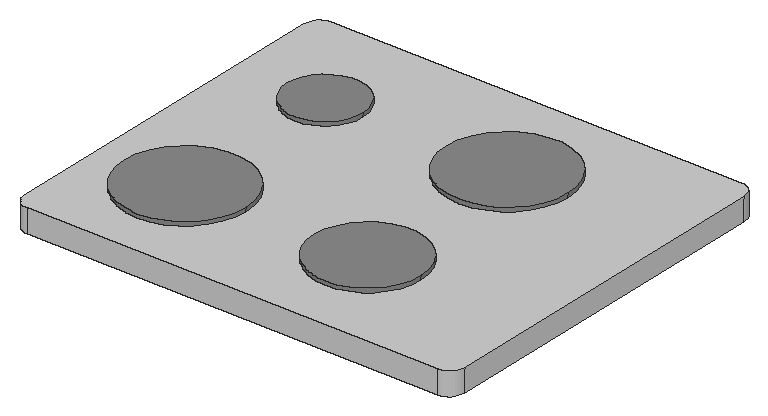
Revit family "Tabletop_Stove", category Specialty Equipment, Revit 2021
Family settings
  Round Connector Dimension = Use Diameter
  Part Type = Normal
  Work Plane-Based = No
  Always vertical = Yes
  Cut with Voids When Loaded = No
  Shared = No
  Room Calculation Point = No
Parameters
  Depth = 500 mm
  Hob = Metal - Stainless Steel
  Width = 580 mm
  Default Elevation = 0 mm
Reference planes
  plane 1 "Center F/B": y = 0
  plane 2: z = 0
  plane 3 "Center L/R": x = 0
  plane 4: y = 250
  plane 5: x = -265
  plane 6: y = -250
  plane 7: x = 315
  plane 8: x = -25
  plane 9: x = 215
  plane 10: x = 95
  plane 11: x = -145
  plane 12: y = 115
  plane 13: y = -115
  plane 14 "Top": z = 30
  plane 15: y = 230
  plane 16: y = -230
  plane 17: x = -245
  plane 18: x = -35
  plane 19: x = -15
  plane 20 "Top": z = 35
  plane 21: x = 255
  plane 22: y = 26.667
  plane 23: y = -26.667
  plane 24: y = 80
  plane 25: y = -80
Forms (mm)
  Extrusion 1, solid, material "Metal - Stainless Steel" <- "Hob"
    sketch origin (0, 0, 0) x (1, 0, 0) y (0, 1, 0)
      loop
        line (-245, -250) -> (295, -250)
        arc (295, -250) -> (309.142, -244.142) -> (315, -230) r 20
        line (315, -230) -> (315, 230)
        arc (315, 230) -> (309.142, 244.142) -> (295, 250) r 20
        line (295, 250) -> (-245, 250)
        arc (-245, 250) -> (-259.142, 244.142) -> (-265, 230) r 20
        line (-265, 230) -> (-265, -230)
        arc (-265, -230) -> (-259.142, -244.142) -> (-245, -250) r 20
    from 0 to 30
  Extrusion 2, solid, material "Metal - Paint Finish - Dark Gray, Matte"
    sketch origin (0, 0, 0) x (1, 0, 0) y (0, 1, 0)
      loop
        circle (-145, 115) r 50
      loop
        circle (-145, -115) r 80
      loop
        circle (95, 115) r 80
      loop
        circle (95, -115) r 70
    from 30 to 35
Lines and regions (mm)
  model lines
    curve 1: line (-245, 0, 30) -> (-35, 0, 30)
    curve 2: line (-245, 230, 30) -> (-245, 0, 30)
    curve 3: line (-35, 230, 30) -> (-245, 230, 30)
    curve 4: line (-35, 0, 30) -> (-35, 230, 30)
    curve 5: line (-245, 0, 30) -> (-245, -230, 30)
    curve 6: line (-35, 0, 30) -> (-35, -230, 30)
    curve 7: line (-35, -230, 30) -> (-245, -230, 30)
    curve 8: line (-144.928, 230, 30) -> (-144.928, -230, 30)
    curve 9: line (-245, 115, 30) -> (-35, 115, 30)
    curve 10: line (-245, -115, 30) -> (-35, -115, 30)
    curve 11: line (-15, 230, 30) -> (215, 230, 30)
    curve 12: line (-15, 0, 30) -> (-15, 230, 30)
    curve 13: line (215, 0, 30) -> (-15, 0, 30)
    curve 14: line (215, 230, 30) -> (215, 0, 30)
    curve 15: line (215, 0, 30) -> (215, -230, 30)
    curve 16: line (215, -230, 30) -> (-15, -230, 30)
    curve 17: line (-15, 0, 30) -> (-15, -230, 30)
    curve 18: line (-15, 115, 30) -> (215, 115, 30)
    curve 19: line (-15, -115, 30) -> (215, -115, 30)
    curve 20: line (95, -230, 30) -> (95, 230, 30)
    curve 21: arc (265, 26.667, 30) -> (255, 16.667, 30) -> (245, 26.667, 30) r 10
    curve 22: arc (245, 26.667, 30) -> (255, 36.667, 30) -> (265, 26.667, 30) r 10
    curve 23: arc (240, 26.667, 30) -> (253.369, 41.578, 30) -> (269.645, 29.909, 30) r 15
    curve 24: line (264.46, 23.425, 30) -> (289.86, 23.425, 30)
    curve 25: line (289.86, 23.425, 30) -> (289.86, 29.909, 30)
    curve 26: line (264.46, 29.909, 30) -> (289.86, 29.909, 30)
    curve 27: arc (269.645, 23.425, 30) -> (253.369, 11.756, 30) -> (240, 26.667, 30) r 15
    curve 28: arc (265, -26.667, 30) -> (255, -36.667, 30) -> (245, -26.667, 30) r 10
    curve 29: arc (245, -26.667, 30) -> (255, -16.667, 30) -> (265, -26.667, 30) r 10
    curve 30: arc (240, -26.667, 30) -> (253.369, -11.756, 30) -> (269.645, -23.425, 30) r 15
    curve 31: line (264.46, -29.909, 30) -> (289.86, -29.909, 30)
    curve 32: line (289.86, -29.909, 30) -> (289.86, -23.425, 30)
    curve 33: line (264.46, -23.425, 30) -> (289.86, -23.425, 30)
    curve 34: arc (269.645, -29.909, 30) -> (253.369, -41.578, 30) -> (240, -26.667, 30) r 15
    curve 35: arc (265, 80, 30) -> (255, 70, 30) -> (245, 80, 30) r 10
    curve 36: arc (245, 80, 30) -> (255, 90, 30) -> (265, 80, 30) r 10
    curve 37: arc (240, 80, 30) -> (253.369, 94.911, 30) -> (269.645, 83.242, 30) r 15
    curve 38: line (264.46, 76.758, 30) -> (289.86, 76.758, 30)
    curve 39: line (289.86, 76.758, 30) -> (289.86, 83.242, 30)
    curve 40: line (264.46, 83.242, 30) -> (289.86, 83.242, 30)
    curve 41: arc (269.645, 76.758, 30) -> (253.369, 65.089, 30) -> (240, 80, 30) r 15
    curve 42: arc (265, -80, 30) -> (255, -90, 30) -> (245, -80, 30) r 10
    curve 43: arc (245, -80, 30) -> (255, -70, 30) -> (265, -80, 30) r 10
    curve 44: arc (240, -80, 30) -> (253.369, -65.089, 30) -> (269.645, -76.758, 30) r 15
    curve 45: line (264.46, -83.242, 30) -> (289.86, -83.242, 30)
    curve 46: line (289.86, -83.242, 30) -> (289.86, -76.758, 30)
    curve 47: line (264.46, -76.758, 30) -> (289.86, -76.758, 30)
    curve 48: arc (269.645, -83.242, 30) -> (253.369, -94.911, 30) -> (240, -80, 30) r 15
  symbolic lines
    curve 49: arc (175, 115, 0) -> (95, 195, 0) -> (15, 115, 0) r 80
    curve 50: arc (15, 115, 0) -> (95, 35, 0) -> (175, 115, 0) r 80
    curve 51: arc (165, -115, 0) -> (95, -45, 0) -> (25, -115, 0) r 70
    curve 52: arc (25, -115, 0) -> (95, -185, 0) -> (165, -115, 0) r 70
    curve 53: arc (-65, -115, 0) -> (-145, -35, 0) -> (-225, -115, 0) r 80
    curve 54: arc (-225, -115, 0) -> (-145, -195, 0) -> (-65, -115, 0) r 80
    curve 55: arc (-95, 115, 0) -> (-145, 165, 0) -> (-195, 115, 0) r 50
    curve 56: arc (-195, 115, 0) -> (-145, 65, 0) -> (-95, 115, 0) r 50
    curve 57: line (295, -250, 0) -> (-245, -250, 0)
    curve 58: line (315, 230, 0) -> (315, -230, 0)
    curve 59: line (-245, 250, 0) -> (295, 250, 0)
    curve 60: line (-265, -230, 0) -> (-265, 230, 0)
    curve 61: arc (-245, 250, 0) -> (-259.142, 244.142, 0) -> (-265, 230, 0) r 20
    curve 62: arc (-265, -230, 0) -> (-259.142, -244.142, 0) -> (-245, -250, 0) r 20
    curve 63: arc (295, -250, 0) -> (309.142, -244.142, 0) -> (315, -230, 0) r 20
    curve 64: arc (295, 250, 0) -> (309.142, 244.142, 0) -> (315, 230, 0) r 20
Dimensions and locks
  "Width": plane 5 to plane 7
  "Depth": plane 6 to plane 4
  plane 9 to plane 7 = 100 mm
  equal spacing: plane 5, plane 11, plane 8, plane 10, plane 9
  equal spacing: plane 15, plane 12, plane 1 "Center F/B", plane 13, plane 16
  plane 4 to plane 15 = 20 mm
  plane 16 to plane 6 = 20 mm
  plane 5 to plane 17 = 20 mm
  plane 8 to plane 19 = 10 mm
  plane 18 to plane 8 = 10 mm
  equal spacing: plane 25, plane 23, plane 22, plane 24
  plane 21 to plane 7 = 60 mm
  aligned and locked: plane 6 to Extrusion 1 sketch curve
  aligned and locked: Extrusion 1 sketch curve to plane 7
  aligned and locked: plane 5 to Extrusion 1 sketch curve
  aligned and locked: Extrusion 1 sketch curve to plane 4
  aligned and locked: plane 14 "Top" to Extrusion 1
  aligned and locked: Extrusion 2 to Extrusion 1
  aligned and locked: plane 15 to curve 3
Automatic sketch dimensions
  Extrusion 1 sketch curve to plane 5 = 20 mm  (x2)
  plane 7 to Extrusion 1 sketch curve = 20 mm  (x2)
  Extrusion 2 sketch curve to plane 13 = 0 mm  (x2)
  Extrusion 2 sketch curve to plane 12 = 0 mm  (x2)
  Extrusion 2 sketch curve to plane 11 = 0 mm  (x2)
  Extrusion 2 sketch curve to plane 10 = 0 mm  (x2)
  Extrusion 2 sketch curve to Extrusion 2 sketch curve = 50 mm
  Extrusion 2 sketch curve to plane 5 = 40 mm
  plane 3 "Center L/R" to Extrusion 2 sketch curve = 15 mm
  plane 3 "Center L/R" to Extrusion 2 sketch curve = 25 mm
  curve 60 to plane 5 = 0 mm
  curve 3 to plane 17 = 0 mm
  curve 62 to plane 16 = 0 mm
  curve 62 to plane 17 = 0 mm
  curve 61 to plane 15 = 0 mm
  curve 61 to plane 17 = 0 mm
  curve 53 to plane 13 = 0 mm
  curve 56 to plane 12 = 0 mm
  curve 53 to plane 11 = 0 mm
  curve 55 to plane 11 = 0 mm
  curve 8 to plane 16 = 0 mm
  curve 9 to plane 12 = 0 mm
  curve 9 to plane 18 = 0 mm
  curve 19 to plane 13 = 0 mm
  curve 19 to plane 19 = 0 mm
  curve 49 to plane 12 = 0 mm
  curve 51 to plane 13 = 0 mm
  curve 20 to plane 10 = 0 mm
  curve 52 to plane 10 = 0 mm
  curve 49 to plane 10 = 0 mm
  curve 19 to plane 9 = 0 mm
  curve 23 to plane 22 = 0 mm
  curve 34 to plane 23 = 0 mm
  curve 44 to plane 25 = 0 mm
  curve 41 to plane 24 = 0 mm
  curve 22 to plane 22 = 0 mm
  curve 28 to plane 23 = 0 mm
  curve 36 to plane 24 = 0 mm
  curve 43 to plane 25 = 0 mm
  curve 41 to plane 21 = 0 mm
  curve 22 to plane 21 = 0 mm
  curve 48 to plane 21 = 0 mm
  curve 23 to plane 21 = 0 mm
  curve 42 to plane 21 = 0 mm
  curve 29 to plane 21 = 0 mm
  curve 30 to plane 21 = 0 mm
  curve 36 to plane 21 = 0 mm
  curve 44 to plane 21 = 0 mm
  curve 37 to plane 21 = 0 mm
  curve 27 to plane 21 = 0 mm
  curve 34 to plane 21 = 0 mm
  curve 63 to plane 16 = 0 mm
  curve 58 to plane 7 = 0 mm
  curve 17 to plane 16 = 0 mm
  curve 10 to plane 13 = 0 mm
  curve 13 to plane 1 "Center F/B" = 0 mm
  curve 5 to plane 1 "Center F/B" = 0 mm
  curve 18 to plane 12 = 0 mm
  curve 11 to plane 15 = 0 mm
  curve 10 to curve 53 = 20 mm
  curve 56 to curve 55 = 50 mm
  curve 8 to plane 11 = 0.072 mm
  plane 3 "Center L/R" to curve 49 = 15 mm
  plane 3 "Center L/R" to curve 51 = 25 mm
  curve 23 to curve 21 = 15 mm
  curve 34 to curve 30 = 15 mm
  curve 44 to curve 43 = 15 mm
  curve 41 to curve 35 = 15 mm
  curve 23 to curve 22 = 5 mm
  curve 30 to curve 28 = 5 mm
  curve 41 to curve 36 = 5 mm
  curve 44 to curve 43 = 5 mm
  curve 47 to curve 43 = 0.54 mm
  curve 40 to curve 35 = 0.54 mm
  curve 45 to curve 42 = 0.54 mm
  curve 24 to curve 21 = 0.54 mm
  curve 38 to curve 35 = 0.54 mm
  curve 31 to curve 29 = 0.54 mm
  curve 26 to curve 22 = 0.54 mm
  curve 33 to curve 28 = 0.54 mm
  curve 64 to plane 21 = 40 mm
  curve 23 to curve 26 = 20.214 mm
  curve 37 to curve 39 = 20.214 mm
  curve 30 to curve 33 = 20.214 mm
  curve 44 to curve 47 = 20.214 mm
